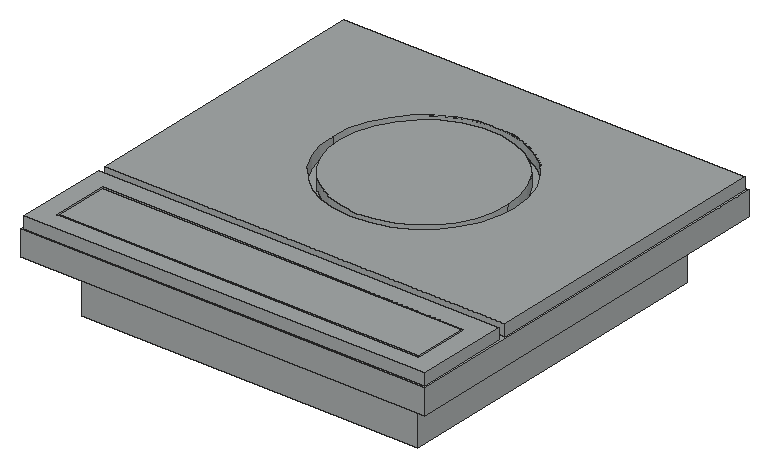
Revit family "Gira_5560926", category Electrical Fixtures, host Face, Revit 2017
Family settings
  Host = Face
  Maintain Annotation Orientation = Yes
  Round Connector Dimension = Use Diameter
  Part Type = Normal
  Cut with Voids When Loaded = No
  Shared = No
  Room Calculation Point = No
Parameters (values of type "Info module System 106 alum.")
  Width = "0.1065"
  URL = "http://katalog.gira.de/en/datenblatt.html?artikelnr=5560926"
  Name = "Info module System 106 alum."
  Model = "Sys106_Abdeckung_Schalten und Tasten"
  Manufacturer URL = "https://www.gira.de/"
  Manufacturer = "Gira"
  Installation technique = "Bus system"
  HeinzeBIM = "https://bimportal.heinze.de/bim/info-module-system-106-alum-/6e68a7f4327aba6b9b07a765a63afdd6e17da10e"
  Height = "0.1065"
  HAN = "5560926"
  GTIN = "4010337022824"
  Edelstahl [instance] = Edelstahl
  Description = "Info mod. S106 AL,System 106 info module,,Aluminium,The Gira System 106 is an installation system made of metal in a puristic and elegant frameless design, based on basic measurements of 106.5 × 106.5 mm. With the modular door intercom in Gira System 106, hospitality begins even before you reach the front door. All the functions are presented in a harmonious overall appearance, from the call button module, intercom module, and camera module, up to the info and blank module. In the dark, backlit call buttons with inscription space ensure good legibility and an attractive appearance.,,Individually adaptable modular system, The System 106 can be used in family homes or apartment buildings, as well as in office buildings, industrial properties, and hotels. The modular design enables the system's size, design, and functionality to be individually adapted to the respective requirements. Expansions and changes are possible at any time by easily exchanging the modules.,With this system, it is also possible to exchange the fronts only. This means that the appearance of the system can be changed from e.g. traffic white to a stainless steel surface at a later stage, without having to exchange the electronic units.,,High-quality materials,The modules are frameless with design fronts made of genuine materials, available in two brushed stainless steel versions (V2A and V4A), anodised aluminium C-0, and a metal alloy lacquered in traffic white (RAL 9016): all robust materials which ensure durability. The camera and DIN 18040 display module feature a black glass cover.,,Easy and phased installation,The system can be installed in phases, in parallel to the progress of building work. In this way, it is possible to initially install only the lower part of a surface-mounted housing during construction of the shell; cables and modules can then be added when they are needed.,,Individual inscription options,Call button modules and info modules can be labelled individually via the Gira inscription service.,,Features:,- e.g. for house numbers that should be visibly highlighted.,,Notes :,- This product can only be ordered via the Gira Inscription Service.,- Professional labelling with the Gira Inscription Service www.marking.gira.com."
  Default Elevation = 1219.2 mm
  Data sheet (1) = "https://katalog.gira.de/en/download.html?artikelnr=5560926"
  Colour = "Silver"
  Category = "Functional module for door communication"
  BIM (1) = "https://media.stage.bim.site/public/gira/36a6b08/Sys106_Abdeckung_Schalten und Tasten.rfa?public/gira/36a6b08/Sys106_Abdeckung_Schalten und Tasten.rfa"
  Available = "No"
Reference planes
  plane 1 "Center (Front/Back)": y = 0
  plane 2 "Reference Level 0": z = 0
  plane 3 "Center (Left/Right)": x = 0
  plane 4 "Reference Level 1": z = 9.5
Forms (mm)
  Extrusion 1, solid, material "Edelstahl" <- "Edelstahl", detail levels coarse
    sketch origin (0, 0, 0) x (1, 0, 0) y (0, 1, 0)
      loop
        line (-53, 53) -> (-53, -53) -> (53, -53) -> (53, 53) -> (-53, 53)
    from -14.7 to 9.5
  Extrusion 2, solid, material "Edelstahl" <- "Edelstahl", detail levels fine
    sketch origin (0, 0, 0) x (1, 0, 0) y (0, 1, 0)
      loop
        line (52.5, -28) -> (-52.5, -28) -> (-52.5, -52.5) -> (52.5, -52.5) -> (52.5, -28)
      loop
        line (-47.5, -48) -> (47.5, -48) -> (47.5, -33) -> (-47.5, -33) -> (-47.5, -48)
    from 6.5 to 9.5
  Extrusion 3, solid, material "Edelstahl" <- "Edelstahl", detail levels fine
    sketch origin (0, 0, 0) x (1, 0, 0) y (0, 1, 0)
      loop
        line (-52.5, 52.5) -> (-52.5, -26) -> (52.5, -26) -> (52.5, 52.5) -> (-52.5, 52.5)
      loop
        circle (0, 13) r 24
    from 6.5 to 9.5
  Extrusion 4, solid, material "Edelstahl" <- "Edelstahl", detail levels medium+fine
    sketch origin (0, 0, 0) x (1, 0, 0) y (0, 1, 0)
      loop
        line (-53, 53) -> (-53, -53) -> (53, -53) -> (53, 53) -> (-53, 53)
    from 0 to 6.5
  Extrusion 5, solid, material "Edelstahl" <- "Edelstahl", detail levels fine
    sketch origin (0, 0, 0) x (1, 0, 0) y (0, 1, 0)
      loop
        line (-44, 44) -> (-44, -44) -> (44, -44) -> (44, 44) -> (-44, 44)
    from -14.7 to 0
  Extrusion 6, solid, material "Edelstahl" <- "Edelstahl", detail levels fine
    sketch origin (0, 0, 0) x (1, 0, 0) y (0, 1, 0)
      loop
        circle (0, 13) r 22
    from 6.5 to 9.5
  Extrusion 7, solid, material "Edelstahl" <- "Edelstahl", detail levels fine
    sketch origin (0, 0, 0) x (1, 0, 0) y (0, 1, 0)
      loop
        line (-47, -33.5) -> (-47, -47.5) -> (47, -47.5) -> (47, -33.5) -> (-47, -33.5)
    from 6.5 to 9.5
  Extrusion 8, solid, material "Edelstahl" <- "Edelstahl", detail levels medium
    sketch origin (0, 0, 0) x (1, 0, 0) y (0, 1, 0)
      loop
        line (-52.5, 52.5) -> (-52.5, -26) -> (52.5, -26) -> (52.5, 52.5) -> (-52.5, 52.5)
      loop
        line (-52.5, -28) -> (-52.5, -52.5) -> (52.5, -52.5) -> (52.5, -28) -> (-52.5, -28)
    from 6.5 to 9.5
  Extrusion 9, solid, material "Edelstahl" <- "Edelstahl", detail levels medium
    sketch origin (0, 0, 0) x (1, 0, 0) y (0, 1, 0)
      loop
        circle (0, 13) r 24
      loop
        line (-47.5, -33) -> (-47.5, -48) -> (47.5, -48) -> (47.5, -33) -> (-47.5, -33)
    from 6.5 to 9.5
Dimensions and locks
  aligned and locked: plane 2 "Reference Level 0" to host face
  aligned and locked: level to host face
  aligned and locked: Extrusion 4 to host face
  aligned and locked: Extrusion 4 to level
  aligned and locked: level to Extrusion 5
  aligned and locked: level to Extrusion 4
  aligned and locked: Extrusion 4 to plane 2 "Reference Level 0"
  aligned and locked: plane 2 "Reference Level 0" to Extrusion 5
  aligned and locked: plane 3 "Center (Left/Right)" to nested 1
  aligned and locked: plane 1 "Center (Front/Back)" to nested 1
Nested families
  nested 1: "Schalter" at (0, 0, 0), type "Schalter"
Connectors
  electrical at (0, 0, -14.7)
    settings: on Extrusion 5, index 1, voltage 220 V, apparent load 0 VA, apparent load phase1 0 VA, apparent load phase2 0 VA, apparent load phase3 0 VA, power factor 1, load classification "Other", number of poles 1, system type 30, power factor state 1, is connector primary yes, connector utility no, sub classification motor no, connector description ""
Definition of nested family "Schalter"
  Reference planes
    plane 1: y = 0
    plane 2: x = 0
  Lines and regions (mm)
    detail lines
      curve 1: circle (1.375, 2.778, 0) r 0.8 normal (0, 0, 1)
      curve 2: line (1.021, 2.061, 0) -> (0, 0, 0)
      curve 3: line (0, 0, 0) -> (-0.538, 0.266, 0)
  Dimensions and locks
    curve 2 to curve 2 = 2.3 mm
    curve 3 to curve 2 = 0.6 mm
    radius of curve 1 = 0.8 mm
